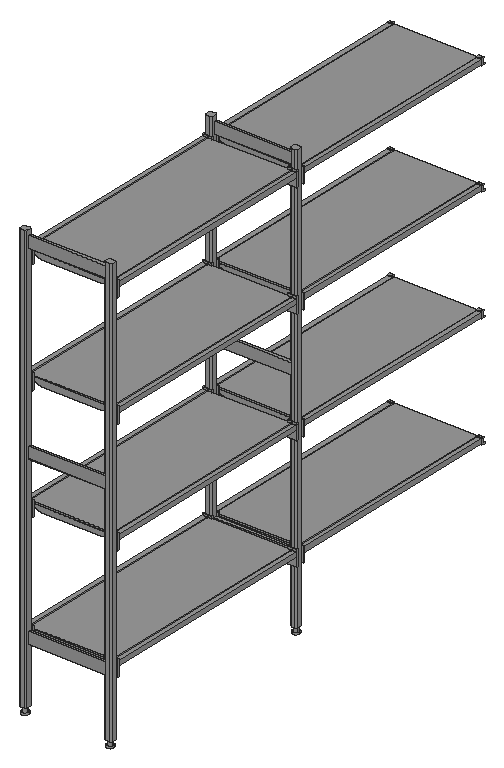
Revit family "QF_ELECTROLUXPROFESSIONAL_137062_ACS1840", category Attrezzature speciali, Revit 2020
Family settings
  Quota connettore circolare = Usa diametro
  Tipo di parte = Normale
  Basato su piano di lavoro = No
  Sempre verticale = Sì
  Taglio con vuoti quando caricato = No
  Condiviso = No
  Punto di calcolo locali = No
Parameters (values of type "Standard")
  Weight = 30.00 kg
  Watts = 0 W
  Volts = 0 V
  URL Manufacturer = "https://www.electroluxprofessional.com/"
  URL = "https://www.electroluxprofessional.com/"
  Steam Supply Size = 0 mm
  Steam Supply Minimum Pressure = 0.0 Pa
  Steam Supply Maximum Pressure = 0.0 Pa
  Steam Consumption per Hour = 0
  Refrigeration Suction Line Size = 0.0 mm
  Refrigeration Liquid Line Size = 0.0 mm
  Refrigerant Compressor Remote = yes
  Prospetto di default = 0.0 mm
  Phase = 0
  Modello = "ACS1840"
  Produttore = "Electrolux Professional"
  Length Actual = 1844.0 mm  # constant formula
  Item Number = "137062"
  Hot Water Size = 0 mm
  Height Actual = 1700.0 mm  # constant formula
  HP = "0 HP"
  Gas Size = 0 mm
  Gas KW = 0
  Gas Input Pressure = 0 W
  Direct Waste Size = 0 mm
  Descrizione = "ALUM.CORNER SHELV.-POLY.TIERS-373X1844MM"
  Depth Actual = 373.0 mm  # constant formula
  Cycle = 0 Hz
  Condensate Return Size = 0 mm
  Compressed Air Volume = 0.0 L/s
  Compressed Air Size = 0 mm
  Compressed Air Pressure = 0.0 Pa
  Cold Water Size = 0 mm
  Accessory = yes
Reference planes
  plane 1: z = 0
  plane 2 "CenterLeft": y = -535.5
  plane 3 "FRONT": y = -921.5
  plane 4 "LEFT": x = 192.5
  plane 5 "RIGHT": x = 565.5
  plane 6 "TOP": z = 1700
  plane 7: y = -889.5
  plane 8: y = -3.5
  plane 9 "Center (Left/Back)": x = 379
  plane 10: x = 205
  plane 11: x = 515
  plane 12 "FEET": z = 25
  plane 13: z = 275
  plane 14: z = 725
  plane 15: z = 1175
  plane 16: z = 1625
  plane 17 "CXLeft": y = -907.5
  plane 18 "Center (Front/Back)": y = 14.5
  plane 19 "CYFront": x = 510
  plane 20: y = 918.5
  plane 21: y = 32.5
  plane 22 "BACK": y = 922.5
  plane 23 "LEFT_ORIGIN": x = 158.5
  plane 24 "BACK_ORIGIN": y = 1295.5
Forms (mm)
  Extrusion 1, solid, material "QF_Aluminum"
    sketch origin (38.022, -921.5, -4.006) x (-1, 0, 0) y (0, 0, 1)
      loop
        line (-189.5, 1637.003) -> (-173.5, 1637.003) -> (-173.5, 1655) -> (-175.493, 1655) -> (-175.493, 1648.501) -> (-506.5, 1648.501) -> (-506.5, 1655) -> (-508.5, 1655) -> (-508.5, 1637.003) -> (-492.5, 1637.003) -> (-458.5, 1625) -> (-223.5, 1625) -> (-189.5, 1637.003)
      loop
        line (-189.5, 1187.003) -> (-173.5, 1187.003) -> (-173.5, 1205) -> (-175.493, 1205) -> (-175.493, 1198.501) -> (-506.5, 1198.501) -> (-506.5, 1205) -> (-508.5, 1205) -> (-508.5, 1187.003) -> (-492.5, 1187.003) -> (-458.5, 1175) -> (-223.5, 1175) -> (-189.5, 1187.003)
      loop
        line (-189.5, 737.003) -> (-173.5, 737.003) -> (-173.5, 755) -> (-175.493, 755) -> (-175.493, 748.501) -> (-506.5, 748.501) -> (-506.5, 755) -> (-508.5, 755) -> (-508.5, 737.003) -> (-492.5, 737.003) -> (-458.5, 725) -> (-223.5, 725) -> (-189.5, 737.003)
      loop
        line (-189.5, 287.003) -> (-173.5, 287.003) -> (-173.5, 305) -> (-175.493, 305) -> (-175.493, 298.501) -> (-506.5, 298.501) -> (-506.5, 305) -> (-508.5, 305) -> (-508.5, 287.003) -> (-492.5, 287.003) -> (-458.5, 275) -> (-223.5, 275) -> (-189.5, 287.003)
    from 37 to 32
  Extrusion 2, solid, material "QF_Aluminum"
    sketch origin (38.022, -921.5, 0) x (-1, 0, 0) y (0, 0, 1)
      loop
        line (-154.478, 246.005) -> (-154.478, 307.993) -> (-190.471, 307.993) -> (-190.471, 246.005) -> (-154.478, 246.005)
      loop
        line (-527.478, 246.005) -> (-491.484, 246.005) -> (-491.484, 307.993) -> (-527.478, 307.993) -> (-527.478, 246.005)
      loop
        line (-154.478, 696.005) -> (-154.478, 757.993) -> (-190.471, 757.993) -> (-190.471, 696.005) -> (-154.478, 696.005)
      loop
        line (-527.478, 696.005) -> (-491.484, 696.005) -> (-491.484, 757.993) -> (-527.478, 757.993) -> (-527.478, 696.005)
      loop
        line (-154.478, 1146.005) -> (-154.478, 1207.993) -> (-190.471, 1207.993) -> (-190.471, 1146.005) -> (-154.478, 1146.005)
      loop
        line (-527.478, 1146.005) -> (-491.484, 1146.005) -> (-491.484, 1207.993) -> (-527.478, 1207.993) -> (-527.478, 1146.005)
      loop
        line (-154.478, 1596.005) -> (-154.478, 1657.993) -> (-190.471, 1657.993) -> (-190.471, 1596.005) -> (-154.478, 1596.005)
      loop
        line (-527.478, 1596.005) -> (-491.484, 1596.005) -> (-491.484, 1657.993) -> (-527.478, 1657.993) -> (-527.478, 1596.005)
    from 28 to 32
  Extrusion 3, solid, material "QF_Aluminum"
    sketch origin (38.022, -921.5, 0) x (-1, 0, 0) y (0, 0, 1)
      loop
        line (-154.5, 1650.994) -> (-173.5, 1650.994) -> (-173.5, 1632.998) -> (-154.5, 1632.998) -> (-154.5, 1650.994)
      loop
        line (-154.5, 1200.994) -> (-173.5, 1200.994) -> (-173.5, 1182.998) -> (-154.5, 1182.998) -> (-154.5, 1200.994)
      loop
        line (-154.5, 750.994) -> (-173.5, 750.994) -> (-173.5, 732.998) -> (-154.5, 732.998) -> (-154.5, 750.994)
      loop
        line (-154.5, 300.994) -> (-173.5, 300.994) -> (-173.5, 282.998) -> (-154.5, 282.998) -> (-154.5, 300.994)
      loop
        line (-527.455, 1650.994) -> (-527.455, 1632.998) -> (-508.455, 1632.998) -> (-508.455, 1650.994) -> (-527.455, 1650.994)
      loop
        line (-527.455, 1200.994) -> (-527.455, 1182.998) -> (-508.455, 1182.998) -> (-508.455, 1200.994) -> (-527.455, 1200.994)
      loop
        line (-527.455, 750.994) -> (-527.455, 732.998) -> (-508.455, 732.998) -> (-508.455, 750.994) -> (-527.455, 750.994)
      loop
        line (-527.455, 300.994) -> (-527.455, 282.998) -> (-508.455, 282.998) -> (-508.455, 300.994) -> (-527.455, 300.994)
    from 32 to 918
  Extrusion 4, solid, material "QF_Polyethylene"
    sketch origin (38.022, -921.5, 0) x (-1, 0, 0) y (0, 0, 1)
      loop
        line (-175.493, 1650.994) -> (-506.5, 1650.994) -> (-506.5, 1644.496) -> (-175.493, 1644.496) -> (-175.493, 1650.994)
      loop
        line (-175.493, 1200.994) -> (-506.5, 1200.994) -> (-506.5, 1194.496) -> (-175.493, 1194.496) -> (-175.493, 1200.994)
      loop
        line (-175.493, 750.994) -> (-506.5, 750.994) -> (-506.5, 744.496) -> (-175.493, 744.496) -> (-175.493, 750.994)
      loop
        line (-175.493, 300.994) -> (-506.5, 300.994) -> (-506.5, 294.496) -> (-175.493, 294.496) -> (-175.493, 300.994)
    from 32 to 918
  Extrusion 5, solid, material "QF_Aluminum"
    sketch origin (38.022, 684.5, 0) x (-1, 0, 0) y (0, 0, 1)
      loop
        line (-154.5, 1650.994) -> (-173.5, 1650.994) -> (-173.5, 1632.998) -> (-154.5, 1632.998) -> (-154.5, 1650.994)
      loop
        line (-508.5, 1650.994) -> (-527.455, 1650.994) -> (-527.455, 1632.998) -> (-508.5, 1632.998) -> (-508.5, 1650.994)
      loop
        line (-154.5, 1200.994) -> (-173.5, 1200.994) -> (-173.5, 1182.998) -> (-154.5, 1182.998) -> (-154.5, 1200.994)
      loop
        line (-508.5, 1200.994) -> (-527.455, 1200.994) -> (-527.455, 1182.998) -> (-508.5, 1182.998) -> (-508.5, 1200.994)
      loop
        line (-154.5, 750.994) -> (-173.5, 750.994) -> (-173.5, 732.998) -> (-154.5, 732.998) -> (-154.5, 750.994)
      loop
        line (-508.5, 750.994) -> (-527.455, 750.994) -> (-527.455, 732.998) -> (-508.5, 732.998) -> (-508.5, 750.994)
      loop
        line (-154.5, 300.994) -> (-173.5, 300.994) -> (-173.5, 282.998) -> (-154.5, 282.998) -> (-154.5, 300.994)
      loop
        line (-508.5, 300.994) -> (-527.455, 300.994) -> (-527.455, 282.998) -> (-508.5, 282.998) -> (-508.5, 300.994)
    from 234 to -652
  Extrusion 6, solid, material "QF_Polyethylene"
    sketch origin (38.022, 684.5, 0) x (-1, 0, 0) y (0, 0, 1)
      loop
        line (-175.493, 1650.994) -> (-506.5, 1650.994) -> (-506.5, 1644.496) -> (-175.493, 1644.496) -> (-175.493, 1650.994)
      loop
        line (-175.493, 1200.994) -> (-506.5, 1200.994) -> (-506.5, 1194.496) -> (-175.493, 1194.496) -> (-175.493, 1200.994)
      loop
        line (-175.493, 750.994) -> (-506.5, 750.994) -> (-506.5, 744.496) -> (-175.493, 744.496) -> (-175.493, 750.994)
      loop
        line (-175.493, 300.994) -> (-506.5, 300.994) -> (-506.5, 294.496) -> (-175.493, 294.496) -> (-175.493, 300.994)
    from 234 to -652
Lines and regions (mm)
  symbolic lines
    curve 1: line (205, -912.5, 1700) -> (515, -912.5, 1700)
    curve 2: line (515, -902.5, 1700) -> (205, -902.5, 1700)
    curve 3: line (192.5, -893.5, 1700) -> (192.5, 0.5, 1700)
    curve 4: line (565.5, -889.5, 1700) -> (565.5, -3.5, 1700)
    curve 5: line (192.5, 28.5, 1700) -> (192.5, 922.5, 1700)
    curve 6: line (565.5, 28.5, 1700) -> (565.5, 922.5, 1700)
    curve 7: line (211.522, 918.5, 1700) -> (510.507, 918.5, 1700)
    curve 8: line (211.522, -3.5, 1700) -> (510.507, -3.5, 1700)
    curve 9: line (510.507, 32.5, 1700) -> (211.522, 32.5, 1700)
    curve 10: line (211.522, -889.5, 1700) -> (510.507, -889.5, 1700)
    curve 11: line (211.522, -889.5, 1700) -> (211.522, -3.5, 1700)
    curve 12: line (546.478, -3.5, 1700) -> (546.478, -889.5, 1700)
    curve 13: line (211.522, 32.5, 1700) -> (211.522, 918.5, 1700)
    curve 14: line (546.522, 652.5, 1700) -> (546.522, -145.5, 1700)
Dimensions and locks
  plane 3 "FRONT" to plane 2 "CenterLeft" = 386.0 mm
  locked: plane 6 "TOP" to level at 1700
  locked: plane 7 to plane 8 at 886
  locked: plane 10 to plane 11 at 310
  plane 10 to plane 9 "Center (Left/Back)" to plane 11 = 174.0 mm, 136.0 mm
  equal spacing: plane 4 "LEFT", plane 9 "Center (Left/Back)", plane 5 "RIGHT"
  plane 12 "FEET" to level = 25.0 mm
  plane 6 "TOP" to plane 12 "FEET" = 1675.0 mm
  plane 13 to plane 12 "FEET" = 250.0 mm
  plane 14 to plane 13 = 450.0 mm
  plane 15 to plane 14 = 450.0 mm
  plane 16 to plane 15 = 450.0 mm
  plane 19 "CYFront" to Extrusion 1 sketch curve = 34.522 mm
  locked: plane 21 to plane 20 at 886
  locked: plane 8 to plane 18 "Center (Front/Back)" at 18
  locked: plane 18 "Center (Front/Back)" to plane 21 at 18
  locked: plane 3 "FRONT" to plane 7 at 32
  locked: plane 4 "LEFT" to plane 5 "RIGHT" at 373
  locked: plane 23 "LEFT_ORIGIN" to plane 5 "RIGHT" at 407
  locked: plane 22 "BACK" to plane 24 "BACK_ORIGIN" at 373
  locked: plane 22 "BACK" to plane 3 "FRONT" at 1844
  aligned and locked: level to plane 1
  aligned and locked: Extrusion 1 to plane 7
  aligned and locked: plane 7 to Extrusion 2
  aligned and locked: Extrusion 4 to plane 7
  aligned and locked: plane 8 to Extrusion 4
  aligned and locked: Extrusion 3 to plane 7
  aligned and locked: plane 8 to Extrusion 3
  aligned and locked: Extrusion 1 sketch curve to Extrusion 1 sketch curve  (x3)
  aligned and locked: Extrusion 4 sketch curve to Extrusion 1  (x4)
  aligned and locked: Extrusion 5 sketch curve to Extrusion 5 sketch curve  (x2)
  aligned and locked: Extrusion 5 to plane 21  (x5)
  aligned and locked: Extrusion 6 to plane 21  (x5)
  aligned and locked: nested 2 to plane 18 "Center (Front/Back)"
  aligned and locked: nested 1 to plane 17 "CXLeft"
  aligned and locked: plane 7 to Extrusion 3  (x3)
  aligned and locked: Extrusion 3 to plane 8  (x4)
  aligned and locked: Extrusion 4 to plane 8  (x4)
  aligned and locked: plane 20 to Extrusion 5
  aligned and locked: plane 20 to Extrusion 6
  aligned and locked: Extrusion 5 to plane 20  (x3)
  aligned and locked: Extrusion 6 to plane 20  (x3)
  aligned and locked: plane 9 "Center (Left/Back)" to nested 2
  aligned and locked: nested 3 to plane 22 "BACK"
Automatic sketch dimensions
  curve 1 to plane 10 = 0.0 mm
  curve 1 to plane 11 = 0.0 mm
  curve 2 to plane 10 = 0.0 mm
  curve 2 to plane 11 = 0.0 mm
  curve 3 to plane 4 "LEFT" = 0.0 mm
  plane 7 to curve 10 = 0.0 mm
  curve 4 to plane 5 "RIGHT" = 0.0 mm
  plane 7 to curve 4 = 0.0 mm
  plane 8 to curve 8 = 0.0 mm
  plane 8 to curve 4 = 0.0 mm
  curve 6 to plane 5 "RIGHT" = 0.0 mm
  curve 5 to plane 4 "LEFT" = 0.0 mm
  curve 9 to plane 21 = 0.0 mm
  plane 20 to curve 7 = 0.0 mm
  plane 7 to curve 3 = 4.0 mm
  plane 17 "CXLeft" to curve 2 = 5.0 mm
  curve 1 to plane 17 "CXLeft" = 5.0 mm
  curve 3 to plane 8 = 4.0 mm
  curve 6 to plane 21 = 4.0 mm
  curve 5 to plane 21 = 4.0 mm
  curve 6 to plane 20 = 4.0 mm
  curve 5 to plane 20 = 4.0 mm
  plane 11 to curve 10 = 4.493 mm
  plane 11 to curve 9 = 4.493 mm
  plane 11 to curve 8 = 4.493 mm
  plane 11 to curve 7 = 4.493 mm
  curve 8 to plane 10 = 6.522 mm
  curve 7 to plane 10 = 6.522 mm
  Extrusion 1 sketch curve to plane 19 "CYFront" = 36.522 mm  (x4)
  Extrusion 1 sketch curve to plane 11 = 15.522 mm  (x4)
  Extrusion 1 sketch curve to plane 13 = 4.006 mm
  Extrusion 1 sketch curve to Extrusion 1 sketch curve = 34.0 mm  (x4)
  Extrusion 1 sketch curve to plane 14 = 4.006 mm
  Extrusion 1 sketch curve to plane 15 = 4.006 mm
  Extrusion 1 sketch curve to plane 16 = 4.006 mm
  Extrusion 1 sketch curve to plane 10 = 56.522 mm  (x4)
  Extrusion 1 sketch curve to plane 10 = 22.522 mm  (x4)
  plane 13 to Extrusion 1 sketch curve = 7.998 mm  (x2)
  Extrusion 1 sketch curve to Extrusion 1 sketch curve = 11.498 mm  (x4)
  Extrusion 1 sketch curve to Extrusion 1 sketch curve = 6.499 mm  (x8)
  plane 14 to Extrusion 1 sketch curve = 7.998 mm  (x2)
  plane 15 to Extrusion 1 sketch curve = 7.998 mm  (x2)
  plane 16 to Extrusion 1 sketch curve = 7.998 mm  (x2)
  Extrusion 2 sketch curve to plane 5 "RIGHT" = 0.0 mm  (x4)
  Extrusion 2 sketch curve to plane 4 "LEFT" = 0.0 mm  (x4)
  Extrusion 2 sketch curve to plane 11 = 14.507 mm  (x4)
  Extrusion 2 sketch curve to plane 10 = 23.493 mm  (x4)
  Extrusion 2 sketch curve to plane 13 = 28.995 mm  (x2)
  plane 13 to Extrusion 2 sketch curve = 32.993 mm  (x2)
  Extrusion 2 sketch curve to plane 14 = 28.995 mm  (x2)
  plane 14 to Extrusion 2 sketch curve = 32.993 mm  (x2)
  Extrusion 2 sketch curve to plane 15 = 28.995 mm  (x2)
  plane 15 to Extrusion 2 sketch curve = 32.993 mm  (x2)
  Extrusion 2 sketch curve to plane 16 = 28.995 mm  (x2)
  plane 16 to Extrusion 2 sketch curve = 32.993 mm  (x2)
  plane 13 to Extrusion 4 sketch curve = 19.496 mm
  Extrusion 4 sketch curve to Extrusion 4 sketch curve = 6.499 mm  (x4)
  plane 14 to Extrusion 4 sketch curve = 19.496 mm
  plane 15 to Extrusion 4 sketch curve = 19.496 mm
  plane 16 to Extrusion 4 sketch curve = 19.496 mm
  plane 5 "RIGHT" to Extrusion 5 sketch curve = 0.022 mm  (x4)
  Extrusion 5 sketch curve to plane 4 "LEFT" = 19.022 mm  (x4)
  Extrusion 5 sketch curve to plane 19 "CYFront" = 36.522 mm  (x2)
  plane 13 to Extrusion 5 sketch curve = 7.998 mm  (x2)
  Extrusion 5 sketch curve to Extrusion 5 sketch curve = 17.997 mm  (x8)
  plane 14 to Extrusion 5 sketch curve = 7.998 mm  (x2)
  plane 15 to Extrusion 5 sketch curve = 7.998 mm  (x2)
  plane 16 to Extrusion 5 sketch curve = 7.998 mm  (x2)
  Extrusion 6 sketch curve to plane 19 "CYFront" = 34.522 mm  (x4)
  plane 13 to Extrusion 6 sketch curve = 19.496 mm
  Extrusion 6 sketch curve to Extrusion 6 sketch curve = 6.499 mm  (x4)
  plane 14 to Extrusion 6 sketch curve = 19.496 mm
  plane 15 to Extrusion 6 sketch curve = 19.496 mm
  plane 16 to Extrusion 6 sketch curve = 19.496 mm
  plane 5 "RIGHT" to Extrusion 3 sketch curve = 0.022 mm  (x4)
  Extrusion 3 sketch curve to Extrusion 3 sketch curve = 19.0 mm  (x4)
  plane 14 to Extrusion 3 sketch curve = 7.998 mm  (x2)
  Extrusion 3 sketch curve to plane 10 = 6.522 mm  (x4)
  Extrusion 3 sketch curve to plane 4 "LEFT" = 0.022 mm  (x4)
  plane 13 to Extrusion 3 sketch curve = 25.994 mm  (x2)
  plane 13 to Extrusion 3 sketch curve = 7.998 mm  (x2)
  Extrusion 3 sketch curve to Extrusion 3 sketch curve = 17.997 mm  (x6)
  plane 15 to Extrusion 3 sketch curve = 7.998 mm  (x2)
  plane 16 to Extrusion 3 sketch curve = 7.998 mm  (x2)
  plane 7 to curve 12 = 0.0 mm
  plane 8 to curve 12 = 0.0 mm
  curve 4 to curve 12 = 19.022 mm
  Extrusion 1 sketch curve to plane 10 = 8.516 mm  (x4)
  Extrusion 1 sketch curve to plane 10 = 6.522 mm  (x2)
  Extrusion 1 sketch curve to Extrusion 1 sketch curve = 1.993 mm  (x2)
  Extrusion 4 sketch curve to plane 10 = 8.516 mm  (x4)
  Extrusion 5 sketch curve to plane 4 "LEFT" = 0.022 mm  (x4)
  Extrusion 6 sketch curve to plane 10 = 8.516 mm  (x4)
Nested families
  nested 1: "WT_Anta373" at (215.5, -504.5, 0) x (0, 1, 0) z (0, 0, 1), type "WT_Anta373"
  nested 2: "WT_Anta373Center" at (215.5, 417.5, 0) x (0, 1, 0) z (0, 0, 1), type "WT_Anta373Center"
  nested 3: "WT_Aggancio373" at (215.5, 1330.5, 0) x (0, 1, 0) z (0, 0, 1), type "WT_Aggancio373"
Definition of nested family "WT_Anta373"
  Parameters
    WidthLeft = A + 64.0 mm  # 772.0 mm
    Width = 1606.0 mm
    Right = WidthLeft / 2  # 386.0 mm
    Default Elevation = 0.0 mm
    Left = -WidthLeft / 2  # -386.0 mm
    Height = 1725.0 mm
    FEET = 25.0 mm
    E = 0.0 mm
    Dint = Depth - 63.0 mm  # 310.0 mm
    Dext = Depth - 8.0 mm  # 365.0 mm
    Depth = 373.0 mm
    DX = (WidthLeft - A) / 2  # 32.0 mm
    B = 798.0 mm
    A = 708.0 mm
  Reference planes
    plane 1: z = 0
    plane 2 "LEFT": x = -417
    plane 3 "BACK": y = 23
    plane 4 "FRONT": y = -350
    plane 5 "TOP": z = 1725
    plane 6 "Center (Front/Back)": y = -163.5
    plane 7: y = -8.5
    plane 8: y = -318.5
    plane 9 "FEET": z = 25
    plane 10: z = 275
    plane 11: z = 725
    plane 12: z = 1175
    plane 13: z = 1625
    plane 14 "CXLeft": x = -403
    plane 15: y = 5.5
    plane 16 "CYBack": y = 5.5
    plane 17 "CYFront": y = -332.5
    plane 18: x = -385.031
    plane 19: x = -380.031
  Forms (mm)
    Extrusion 1, solid
      sketch origin (0, 0, 0) x (1, 0, 0) y (0, 1, 0)
        loop
          line (-417, 13.246) -> (-417, -2.246) -> (-410.746, -8.5) -> (-395.254, -8.5) -> (-389, -2.246) -> (-389, 13.246) -> (-395.254, 19.5) -> (-410.746, 19.5) -> (-417, 13.246)
      from 1725 to 25
    Extrusion 2, solid
      sketch origin (-417, 0, 0) x (0, 1, 0) y (0, 0, 1)
        loop
          line (23, 246.005) -> (23, 307.993) -> (-12.993, 307.993) -> (-12.993, 246.005) -> (23, 246.005)
        loop
          line (-350, 246.005) -> (-314.007, 246.005) -> (-314.007, 307.993) -> (-350, 307.993) -> (-350, 246.005)
        loop
          line (23, 696.005) -> (23, 757.993) -> (-12.993, 757.993) -> (-12.993, 696.005) -> (23, 696.005)
        loop
          line (-350, 696.005) -> (-314.007, 696.005) -> (-314.007, 757.993) -> (-350, 757.993) -> (-350, 696.005)
        loop
          line (23, 1146.005) -> (23, 1207.993) -> (-12.993, 1207.993) -> (-12.993, 1146.005) -> (23, 1146.005)
        loop
          line (-350, 1146.005) -> (-314.007, 1146.005) -> (-314.007, 1207.993) -> (-350, 1207.993) -> (-350, 1146.005)
        loop
          line (23, 1596.005) -> (23, 1657.993) -> (-12.993, 1657.993) -> (-12.993, 1596.005) -> (23, 1596.005)
        loop
          line (-350, 1596.005) -> (-314.007, 1596.005) -> (-314.007, 1657.993) -> (-350, 1657.993) -> (-350, 1596.005)
      from 28 to 32
    Revolve 3, solid
      sketch origin (-403, 0, 0) x (0, 1, 0) y (0, 0, 1)
        loop
          line (5.5, 25) -> (5.5, 0) -> (19, 0) -> (19, 5) -> (14, 5) -> (14, 25) -> (5.5, 25)
        axis (5.5, 25) -> (5.5, 0)
      angle from 0 to 360
    Extrusion 4, solid
      sketch origin (-403, 0, 0) x (0, 1, 0) y (0, 0, 1)
        loop
          line (-8.5, 912.382) -> (-8.5, 957.374) -> (-318.5, 957.374) -> (-318.5, 912.382) -> (-8.5, 912.382)
        loop
          line (-8.5, 1662.244) -> (-8.5, 1707.236) -> (-318.5, 1707.236) -> (-318.5, 1662.244) -> (-8.5, 1662.244)
      from -5 to 5
    Revolve 5, solid
      sketch origin (-403, -627, 0) x (0, -1, 0) y (0, 0, 1)
        loop
          line (-294.5, 25) -> (-294.5, 0) -> (-281, 0) -> (-281, 5) -> (-286, 5) -> (-286, 25) -> (-294.5, 25)
        axis (-294.5, 25) -> (-294.5, 0)
      angle from 0 to 360
    Extrusion 6, solid
      sketch origin (0, -627, 0) x (1, 0, 0) y (0, 1, 0)
        loop
          line (-417, 286.754) -> (-410.746, 280.5) -> (-395.254, 280.5) -> (-389, 286.754) -> (-389, 302.246) -> (-395.254, 308.5) -> (-410.746, 308.5) -> (-417, 302.246) -> (-417, 286.754)
      from 1725 to 25
    Extrusion 7, solid
      sketch origin (-417.031, -0.022, 0) x (0, 1, 0) y (0, 0, -1)
        loop
          line (-12, -1632.998) -> (-46, -1620.994) -> (-281, -1620.994) -> (-315, -1632.998) -> (-331, -1632.998) -> (-331, -1650.994) -> (-329, -1650.994) -> (-329, -1644.496) -> (2.007, -1644.496) -> (2.007, -1650.994) -> (4, -1650.994) -> (4, -1632.998) -> (-12, -1632.998)
        loop
          line (-12, -1182.998) -> (-46, -1170.994) -> (-281, -1170.994) -> (-315, -1182.998) -> (-331, -1182.998) -> (-331, -1200.994) -> (-329, -1200.994) -> (-329, -1194.496) -> (2.007, -1194.496) -> (2.007, -1200.994) -> (4, -1200.994) -> (4, -1182.998) -> (-12, -1182.998)
        loop
          line (-12, -732.998) -> (-46, -720.994) -> (-281, -720.994) -> (-315, -732.998) -> (-331, -732.998) -> (-331, -750.994) -> (-329, -750.994) -> (-329, -744.496) -> (2.007, -744.496) -> (2.007, -750.994) -> (4, -750.994) -> (4, -732.998) -> (-12, -732.998)
        loop
          line (-12, -282.998) -> (-46, -270.994) -> (-281, -270.994) -> (-315, -282.998) -> (-331, -282.998) -> (-331, -300.994) -> (-329, -300.994) -> (-329, -294.496) -> (2.007, -294.496) -> (2.007, -300.994) -> (4, -300.994) -> (4, -282.998) -> (-12, -282.998)
      from -32 to -37
    Extrusion 8, solid
      sketch origin (-403, 0, -659.878) x (0, 1, 0) y (0, 0, 1)
        loop
          line (-8.5, 912.382) -> (-8.5, 957.374) -> (-318.5, 957.374) -> (-318.5, 912.382) -> (-8.5, 912.382)
        loop
          line (-8.5, 1572.382) -> (-8.5, 1617.374) -> (-318.5, 1617.374) -> (-318.5, 1572.382) -> (-8.5, 1572.382)
        loop
          line (-8.5, 2322.382) -> (-8.5, 2367.374) -> (-318.5, 2367.374) -> (-318.5, 2322.382) -> (-8.5, 2322.382)
      from -5 to 5
  Lines and regions (mm)
    symbolic lines
      curve 1: line (-408, -8.5, 1725) -> (-408, -318.5, 1725)
      curve 2: line (-398, -318.5, 1725) -> (-398, -8.5, 1725)
      curve 3: line (-395.254, -8.5, 1725) -> (-410.746, -8.5, 1725)
      curve 4: line (-417, -2.246, 1725) -> (-410.746, -8.5, 1725)
      curve 5: line (-417, 13.246, 1725) -> (-417, -2.246, 1725)
      curve 6: line (-410.746, 19.5, 1725) -> (-417, 13.246, 1725)
      curve 7: line (-395.254, 19.5, 1725) -> (-410.746, 19.5, 1725)
      curve 8: line (-389, 13.246, 1725) -> (-395.254, 19.5, 1725)
      curve 9: line (-395.254, -8.5, 1725) -> (-389, -2.246, 1725)
      curve 10: line (-395.254, -318.5, 1725) -> (-410.746, -318.5, 1725)
      curve 11: line (-417, -324.754, 1725) -> (-410.746, -318.5, 1725)
      curve 12: line (-410.746, -346.5, 1725) -> (-417, -340.246, 1725)
      curve 13: line (-395.254, -346.5, 1725) -> (-410.746, -346.5, 1725)
      curve 14: line (-389, -340.246, 1725) -> (-395.254, -346.5, 1725)
      curve 15: line (-395.254, -318.5, 1725) -> (-389, -324.754, 1725)
      curve 16: line (-389, -350, 1725) -> (-389, -314.007, 1725)
      curve 17: line (-389, -314.007, 1725) -> (-385, -314.007, 1725)
      curve 18: line (-389, 23, 1725) -> (-389, -12.993, 1725)
      curve 19: line (-389, -12.993, 1725) -> (-385, -12.993, 1725)
      curve 20: line (-417, -324.754, 1725) -> (-417, -340.246, 1725)
      curve 21: line (-385, -350, 1725) -> (-385, -314.007, 1725)
      curve 22: line (-385, -350, 1725) -> (-389, -350, 1725)
      curve 23: line (-385, 23, 1725) -> (-389, 23, 1725)
      curve 24: line (-385, -12.993, 1725) -> (-385, 23, 1725)
      curve 25: line (-385.031, -13.016, 1725) -> (-385.031, -314.029, 1725)
  Dimensions and locks
    "Height": plane 5 "TOP" to level
    "Depth": plane 3 "BACK" to plane 4 "FRONT"
    "Dint": plane 7 to plane 8
    equal spacing: plane 7, plane 6 "Center (Front/Back)", plane 8
    equal spacing: plane 3 "BACK", plane 6 "Center (Front/Back)", plane 4 "FRONT"
    plane 9 "FEET" to level = 25.0 mm
    plane 5 "TOP" to plane 9 "FEET" = 1700.0 mm
    plane 10 to plane 9 "FEET" = 250.0 mm
    plane 11 to plane 10 = 450.0 mm
    plane 12 to plane 11 = 450.0 mm
    plane 13 to plane 12 = 450.0 mm
    locked: plane 2 "LEFT" to plane 14 "CXLeft" at 14
    locked: plane 3 "BACK" to plane 16 "CYBack" at 17.5
    locked: plane 17 "CYFront" to plane 4 "FRONT" at 17.5
    locked: Revolve 3 sketch curve to Revolve 3 sketch curve at 8.5
    locked: Revolve 3 sketch curve to plane 16 "CYBack" at 13.5
    locked: Revolve 5 sketch curve to Revolve 5 sketch curve at 8.5
    aligned and locked: level to plane 1
    aligned and locked: curve 20 to Extrusion 6
    aligned and locked: plane 5 "TOP" to Extrusion 1
    aligned and locked: plane 5 "TOP" to Extrusion 6
    aligned and locked: Extrusion 7 sketch curve to Extrusion 7 sketch curve  (x3)
  Automatic sketch dimensions
    curve 16 to plane 4 "FRONT" = 0.0 mm
    curve 11 to plane 8 = 0.0 mm
    curve 9 to plane 7 = 0.0 mm
    curve 5 to plane 2 "LEFT" = 0.0 mm
    curve 23 to plane 3 "BACK" = 0.0 mm
    plane 4 "FRONT" to curve 13 = 3.5 mm
    curve 20 to plane 17 "CYFront" = 7.746 mm
    curve 20 to plane 8 = 6.254 mm
    plane 8 to curve 16 = 4.493 mm
    curve 24 to plane 18 = 0.031 mm
    curve 24 to plane 7 = 4.493 mm
    plane 7 to curve 5 = 6.254 mm
    curve 5 to plane 15 = 7.746 mm
    curve 6 to plane 3 "BACK" = 3.5 mm
    curve 21 to plane 18 = 0.031 mm
    plane 18 to curve 23 = 3.969 mm
    plane 18 to curve 16 = 3.969 mm
    curve 18 to curve 8 = 6.254 mm
    curve 18 to curve 3 = 6.254 mm
    curve 16 to curve 13 = 6.254 mm
    curve 16 to curve 15 = 6.254 mm
    plane 2 "LEFT" to curve 10 = 6.254 mm
    plane 2 "LEFT" to curve 7 = 6.254 mm
    plane 2 "LEFT" to curve 12 = 6.254 mm
    plane 2 "LEFT" to curve 3 = 6.254 mm
    curve 14 to plane 17 "CYFront" = 7.746 mm
    curve 15 to plane 8 = 6.254 mm
    plane 7 to curve 9 = 6.254 mm
    curve 8 to plane 15 = 7.746 mm
    curve 3 to curve 2 = 2.746 mm
    curve 1 to curve 10 = 2.746 mm
    Extrusion 1 sketch curve to plane 2 "LEFT" = 0.0 mm
    Extrusion 1 sketch curve to plane 7 = 0.0 mm
    plane 2 "LEFT" to Extrusion 1 sketch curve = 6.254 mm  (x2)
    plane 14 "CXLeft" to Extrusion 1 sketch curve = 7.746 mm  (x2)
    Extrusion 1 sketch curve to plane 3 "BACK" = 3.5 mm
    plane 18 to Extrusion 1 sketch curve = 3.969 mm
    plane 7 to Extrusion 1 sketch curve = 6.254 mm  (x2)
    Extrusion 1 sketch curve to plane 15 = 7.746 mm  (x2)
    Extrusion 2 sketch curve to plane 4 "FRONT" = 0.0 mm  (x4)
    Extrusion 2 sketch curve to plane 3 "BACK" = 0.0 mm  (x4)
    plane 8 to Extrusion 2 sketch curve = 4.493 mm  (x4)
    Extrusion 2 sketch curve to plane 7 = 4.493 mm  (x4)
    Extrusion 2 sketch curve to plane 10 = 28.995 mm  (x2)
    plane 10 to Extrusion 2 sketch curve = 32.993 mm  (x2)
    Extrusion 2 sketch curve to plane 11 = 28.995 mm  (x2)
    plane 11 to Extrusion 2 sketch curve = 32.993 mm  (x2)
    Extrusion 2 sketch curve to plane 12 = 28.995 mm  (x2)
    plane 12 to Extrusion 2 sketch curve = 32.993 mm  (x2)
    Extrusion 2 sketch curve to plane 13 = 28.995 mm  (x2)
    plane 13 to Extrusion 2 sketch curve = 32.993 mm  (x2)
    Revolve 3 sketch curve to plane 9 "FEET" = 0.0 mm  (x2)
    Revolve 3 sketch curve to plane 15 = 0.0 mm  (x2)
    Revolve 3 sketch curve to level = 0.0 mm
    level to Revolve 3 sketch curve = 5.0 mm
    Revolve 3 sketch curve to Revolve 3 sketch curve = 11.655 mm
    Extrusion 4 sketch curve to plane 8 = 0.0 mm  (x2)
    Extrusion 4 sketch curve to plane 7 = 0.0 mm  (x2)
    plane 11 to Extrusion 4 sketch curve = 187.382 mm
    Extrusion 4 sketch curve to Extrusion 4 sketch curve = 44.992 mm
    plane 13 to Extrusion 4 sketch curve = 37.244 mm
    Extrusion 4 sketch curve to plane 5 "TOP" = 17.764 mm
    Revolve 5 sketch curve to plane 9 "FEET" = 0.0 mm  (x2)
    Revolve 5 sketch curve to plane 17 "CYFront" = 0.0 mm  (x2)
    Revolve 5 sketch curve to level = 0.0 mm
    Revolve 5 sketch curve to plane 4 "FRONT" = 4.0 mm
    Revolve 5 sketch curve to Revolve 5 sketch curve = 5.0 mm
    level to Revolve 5 sketch curve = 11.655 mm
    Extrusion 6 sketch curve to plane 2 "LEFT" = 0.0 mm
    Extrusion 6 sketch curve to plane 8 = 0.0 mm
    Extrusion 6 sketch curve to plane 2 "LEFT" = 6.254 mm  (x2)
    Extrusion 6 sketch curve to plane 14 "CXLeft" = 7.746 mm  (x2)
    Extrusion 6 sketch curve to plane 4 "FRONT" = 3.5 mm
    Extrusion 6 sketch curve to plane 18 = 3.969 mm
    plane 8 to Extrusion 6 sketch curve = 6.254 mm  (x2)
    plane 17 "CYFront" to Extrusion 6 sketch curve = 7.746 mm  (x2)
    plane 17 "CYFront" to Extrusion 7 sketch curve = 1.478 mm  (x4)
    Extrusion 7 sketch curve to Extrusion 7 sketch curve = 2.0 mm
    plane 8 to Extrusion 7 sketch curve = 3.478 mm  (x4)
    Extrusion 7 sketch curve to plane 10 = 4.006 mm
    Extrusion 7 sketch curve to Extrusion 7 sketch curve = 34.0 mm  (x4)
    Extrusion 7 sketch curve to plane 11 = 4.006 mm
    Extrusion 7 sketch curve to plane 12 = 4.006 mm
    Extrusion 7 sketch curve to plane 13 = 4.006 mm
    Extrusion 7 sketch curve to plane 7 = 37.522 mm  (x4)
    Extrusion 7 sketch curve to plane 7 = 3.522 mm  (x4)
    plane 15 to Extrusion 7 sketch curve = 3.516 mm  (x4)
    plane 15 to Extrusion 7 sketch curve = 1.522 mm  (x4)
    plane 13 to Extrusion 7 sketch curve = 7.998 mm  (x2)
    Extrusion 7 sketch curve to Extrusion 7 sketch curve = 11.498 mm
    Extrusion 7 sketch curve to Extrusion 7 sketch curve = 6.499 mm  (x5)
    plane 12 to Extrusion 7 sketch curve = 25.994 mm  (x2)
    plane 12 to Extrusion 7 sketch curve = 7.998 mm  (x2)
    plane 11 to Extrusion 7 sketch curve = 25.994 mm  (x2)
    plane 11 to Extrusion 7 sketch curve = 7.998 mm  (x2)
    plane 10 to Extrusion 7 sketch curve = 25.994 mm  (x2)
    plane 10 to Extrusion 7 sketch curve = 7.998 mm  (x2)
    curve 25 to plane 18 = 0.0 mm
    plane 8 to curve 25 = 4.471 mm
    curve 25 to plane 7 = 4.516 mm
    Extrusion 8 sketch curve to plane 8 = 0.0 mm  (x3)
    Extrusion 8 sketch curve to plane 7 = 0.0 mm  (x3)
    Extrusion 8 sketch curve to plane 10 = 22.496 mm
    plane 10 to Extrusion 8 sketch curve = 22.496 mm
    plane 11 to Extrusion 8 sketch curve = 187.504 mm
    Extrusion 8 sketch curve to Extrusion 8 sketch curve = 44.992 mm
    plane 13 to Extrusion 8 sketch curve = 37.504 mm
    Extrusion 8 sketch curve to plane 5 "TOP" = 17.504 mm
Definition of nested family "WT_Anta373Center"
  Parameters
    WidthLeft = A + 64.0 mm  # 772.0 mm
    Width = 1606.0 mm
    Right = WidthLeft / 2  # 386.0 mm
    Default Elevation = 0.0 mm
    Left = -WidthLeft / 2  # -386.0 mm
    Height = 1725.0 mm
    FEET = 25.0 mm
    E = 0.0 mm
    Dint = Depth - 63.0 mm  # 310.0 mm
    Dext = Depth - 8.0 mm  # 365.0 mm
    Depth = 373.0 mm
    DX = (WidthLeft - A) / 2  # 32.0 mm
    B = 798.0 mm
    A = 708.0 mm
  Reference planes
    plane 1: z = 0
    plane 2 "L": x = -417
    plane 3 "BACK": y = 23
    plane 4 "FRONT": y = -350
    plane 5 "TOP": z = 1725
    plane 6 "Center (Front/Back)": y = -163.5
    plane 7: y = -8.5
    plane 8: y = -318.5
    plane 9 "FEET": z = 25
    plane 10: z = 275
    plane 11: z = 725
    plane 12: z = 1175
    plane 13: z = 1625
    plane 14 "CXLeft": x = -403
    plane 15: y = 5.5
    plane 16 "CYBack": y = 5.5
    plane 17 "CYFront": y = -332.5
    plane 18: x = -385.031
    plane 19 "RIGHT": x = -380.031
    plane 20: x = -420.969
    plane 21 "LEFT": x = -425.969
  Forms (mm)
    Extrusion 1, solid
      sketch origin (0, 0, 0) x (1, 0, 0) y (0, 1, 0)
        loop
          line (-417, 13.246) -> (-417, -2.246) -> (-410.746, -8.5) -> (-395.254, -8.5) -> (-389, -2.246) -> (-389, 13.246) -> (-395.254, 19.5) -> (-410.746, 19.5) -> (-417, 13.246)
      from 1725 to 25
    Extrusion 2, solid
      sketch origin (-417, 0, 0) x (0, 1, 0) y (0, 0, 1)
        loop
          line (23, 246.005) -> (23, 307.993) -> (-12.993, 307.993) -> (-12.993, 246.005) -> (23, 246.005)
        loop
          line (-350, 246.005) -> (-314.007, 246.005) -> (-314.007, 307.993) -> (-350, 307.993) -> (-350, 246.005)
        loop
          line (23, 696.005) -> (23, 757.993) -> (-12.993, 757.993) -> (-12.993, 696.005) -> (23, 696.005)
        loop
          line (-350, 696.005) -> (-314.007, 696.005) -> (-314.007, 757.993) -> (-350, 757.993) -> (-350, 696.005)
        loop
          line (23, 1146.005) -> (23, 1207.993) -> (-12.993, 1207.993) -> (-12.993, 1146.005) -> (23, 1146.005)
        loop
          line (-350, 1146.005) -> (-314.007, 1146.005) -> (-314.007, 1207.993) -> (-350, 1207.993) -> (-350, 1146.005)
        loop
          line (23, 1596.005) -> (23, 1657.993) -> (-12.993, 1657.993) -> (-12.993, 1596.005) -> (23, 1596.005)
        loop
          line (-350, 1596.005) -> (-314.007, 1596.005) -> (-314.007, 1657.993) -> (-350, 1657.993) -> (-350, 1596.005)
      from 28 to 32
    Revolve 3, solid
      sketch origin (-403, 0, 0) x (0, 1, 0) y (0, 0, 1)
        loop
          line (5.5, 25) -> (5.5, 0) -> (19, 0) -> (19, 5) -> (14, 5) -> (14, 25) -> (5.5, 25)
        axis (5.5, 25) -> (5.5, 0)
      angle from 0 to 360
    Extrusion 4, solid
      sketch origin (-403, 0, 0) x (0, 1, 0) y (0, 0, 1)
        loop
          line (-8.5, 912.382) -> (-8.5, 957.374) -> (-318.5, 957.374) -> (-318.5, 912.382) -> (-8.5, 912.382)
        loop
          line (-8.5, 1662.244) -> (-8.5, 1707.236) -> (-318.5, 1707.236) -> (-318.5, 1662.244) -> (-8.5, 1662.244)
      from -5 to 5
    Revolve 5, solid
      sketch origin (-403, -627, 0) x (0, -1, 0) y (0, 0, 1)
        loop
          line (-294.5, 25) -> (-294.5, 0) -> (-281, 0) -> (-281, 5) -> (-286, 5) -> (-286, 25) -> (-294.5, 25)
        axis (-294.5, 25) -> (-294.5, 0)
      angle from 0 to 360
    Extrusion 6, solid
      sketch origin (0, -627, 0) x (1, 0, 0) y (0, 1, 0)
        loop
          line (-417, 286.754) -> (-410.746, 280.5) -> (-395.254, 280.5) -> (-389, 286.754) -> (-389, 302.246) -> (-395.254, 308.5) -> (-410.746, 308.5) -> (-417, 302.246) -> (-417, 286.754)
      from 1725 to 25
    Extrusion 7, solid
      sketch origin (-417.031, -0.022, 0) x (0, 1, 0) y (0, 0, -1)
        loop
          line (-12, -1632.998) -> (-46, -1620.994) -> (-281, -1620.994) -> (-315, -1632.998) -> (-331, -1632.998) -> (-331, -1650.994) -> (-329, -1650.994) -> (-329, -1644.496) -> (2.007, -1644.496) -> (2.007, -1650.994) -> (4, -1650.994) -> (4, -1632.998) -> (-12, -1632.998)
        loop
          line (-12, -1182.998) -> (-46, -1170.994) -> (-281, -1170.994) -> (-315, -1182.998) -> (-331, -1182.998) -> (-331, -1200.994) -> (-329, -1200.994) -> (-329, -1194.496) -> (2.007, -1194.496) -> (2.007, -1200.994) -> (4, -1200.994) -> (4, -1182.998) -> (-12, -1182.998)
        loop
          line (-12, -732.998) -> (-46, -720.994) -> (-281, -720.994) -> (-315, -732.998) -> (-331, -732.998) -> (-331, -750.994) -> (-329, -750.994) -> (-329, -744.496) -> (2.007, -744.496) -> (2.007, -750.994) -> (4, -750.994) -> (4, -732.998) -> (-12, -732.998)
        loop
          line (-12, -282.998) -> (-46, -270.994) -> (-281, -270.994) -> (-315, -282.998) -> (-331, -282.998) -> (-331, -300.994) -> (-329, -300.994) -> (-329, -294.496) -> (2.007, -294.496) -> (2.007, -300.994) -> (4, -300.994) -> (4, -282.998) -> (-12, -282.998)
      from -32 to -37
    Extrusion 8, solid
      sketch origin (-403, 0, -659.878) x (0, 1, 0) y (0, 0, 1)
        loop
          line (-8.5, 912.382) -> (-8.5, 957.374) -> (-318.5, 957.374) -> (-318.5, 912.382) -> (-8.5, 912.382)
        loop
          line (-8.5, 1572.382) -> (-8.5, 1617.374) -> (-318.5, 1617.374) -> (-318.5, 1572.382) -> (-8.5, 1572.382)
        loop
          line (-8.5, 2322.382) -> (-8.5, 2367.374) -> (-318.5, 2367.374) -> (-318.5, 2322.382) -> (-8.5, 2322.382)
      from -5 to 5
    Extrusion 9, solid
      sketch origin (-389, 0, 0) x (0, 1, 0) y (0, 0, -1)
        loop
          line (23, -246.005) -> (-12.993, -246.005) -> (-12.993, -307.993) -> (23, -307.993) -> (23, -246.005)
        loop
          line (-350, -246.005) -> (-350, -307.993) -> (-314.007, -307.993) -> (-314.007, -246.005) -> (-350, -246.005)
        loop
          line (23, -696.005) -> (-12.993, -696.005) -> (-12.993, -757.993) -> (23, -757.993) -> (23, -696.005)
        loop
          line (-350, -696.005) -> (-350, -757.993) -> (-314.007, -757.993) -> (-314.007, -696.005) -> (-350, -696.005)
        loop
          line (23, -1146.005) -> (-12.993, -1146.005) -> (-12.993, -1207.993) -> (23, -1207.993) -> (23, -1146.005)
        loop
          line (-350, -1146.005) -> (-350, -1207.993) -> (-314.007, -1207.993) -> (-314.007, -1146.005) -> (-350, -1146.005)
        loop
          line (23, -1596.005) -> (-12.993, -1596.005) -> (-12.993, -1657.993) -> (23, -1657.993) -> (23, -1596.005)
        loop
          line (-350, -1596.005) -> (-350, -1657.993) -> (-314.007, -1657.993) -> (-314.007, -1596.005) -> (-350, -1596.005)
      from 28 to 32
    Extrusion 10, solid
      sketch origin (-388.969, -0.022, 0) x (0, 1, 0) y (0, 0, 1)
        loop
          line (-12, 1632.998) -> (4, 1632.998) -> (4, 1650.994) -> (2.007, 1650.994) -> (2.007, 1644.496) -> (-329, 1644.496) -> (-329, 1650.994) -> (-331, 1650.994) -> (-331, 1632.998) -> (-315, 1632.998) -> (-281, 1620.994) -> (-46, 1620.994) -> (-12, 1632.998)
        loop
          line (-12, 1182.998) -> (4, 1182.998) -> (4, 1200.994) -> (2.007, 1200.994) -> (2.007, 1194.496) -> (-329, 1194.496) -> (-329, 1200.994) -> (-331, 1200.994) -> (-331, 1182.998) -> (-315, 1182.998) -> (-281, 1170.994) -> (-46, 1170.994) -> (-12, 1182.998)
        loop
          line (-12, 732.998) -> (4, 732.998) -> (4, 750.994) -> (2.007, 750.994) -> (2.007, 744.496) -> (-329, 744.496) -> (-329, 750.994) -> (-331, 750.994) -> (-331, 732.998) -> (-315, 732.998) -> (-281, 720.994) -> (-46, 720.994) -> (-12, 732.998)
        loop
          line (-12, 282.998) -> (4, 282.998) -> (4, 300.994) -> (2.007, 300.994) -> (2.007, 294.496) -> (-329, 294.496) -> (-329, 300.994) -> (-331, 300.994) -> (-331, 282.998) -> (-315, 282.998) -> (-281, 270.994) -> (-46, 270.994) -> (-12, 282.998)
      from -32 to -37
  Lines and regions (mm)
    symbolic lines
      curve 1: line (-408, -8.5, 1725) -> (-408, -318.5, 1725)
      curve 2: line (-398, -318.5, 1725) -> (-398, -8.5, 1725)
      curve 3: line (-395.254, -8.5, 1725) -> (-410.746, -8.5, 1725)
      curve 4: line (-417, -2.246, 1725) -> (-410.746, -8.5, 1725)
      curve 5: line (-410.746, 19.5, 1725) -> (-417, 13.246, 1725)
      curve 6: line (-395.254, 19.5, 1725) -> (-410.746, 19.5, 1725)
      curve 7: line (-389, 13.246, 1725) -> (-395.254, 19.5, 1725)
      curve 8: line (-395.254, -8.5, 1725) -> (-389, -2.246, 1725)
      curve 9: line (-395.254, -318.5, 1725) -> (-410.746, -318.5, 1725)
      curve 10: line (-417, -324.754, 1725) -> (-410.746, -318.5, 1725)
      curve 11: line (-410.746, -346.5, 1725) -> (-417, -340.246, 1725)
      curve 12: line (-395.254, -346.5, 1725) -> (-410.746, -346.5, 1725)
      curve 13: line (-389, -340.246, 1725) -> (-395.254, -346.5, 1725)
      curve 14: line (-395.254, -318.5, 1725) -> (-389, -324.754, 1725)
      curve 15: line (-389, -350, 1725) -> (-389, -314.007, 1725)
      curve 16: line (-389, -314.007, 1725) -> (-385, -314.007, 1725)
      curve 17: line (-389, 23, 1725) -> (-389, -12.993, 1725)
      curve 18: line (-389, -12.993, 1725) -> (-385, -12.993, 1725)
      curve 19: line (-385, -350, 1725) -> (-385, -314.007, 1725)
      curve 20: line (-385, -350, 1725) -> (-389, -350, 1725)
      curve 21: line (-385, 23, 1725) -> (-389, 23, 1725)
      curve 22: line (-385, -12.993, 1725) -> (-385, 23, 1725)
      curve 23: line (-385.031, -13.016, 1725) -> (-385.031, -314.029, 1725)
      curve 24: line (-417, -350, 1725) -> (-417, -314.007, 1725)
      curve 25: line (-417, -314.007, 1725) -> (-421, -314.007, 1725)
      curve 26: line (-417, 23, 1725) -> (-417, -12.993, 1725)
      curve 27: line (-417, -12.993, 1725) -> (-421, -12.993, 1725)
      curve 28: line (-421, -350, 1725) -> (-421, -314.007, 1725)
      curve 29: line (-421, -350, 1725) -> (-417, -350, 1725)
      curve 30: line (-421, 23, 1725) -> (-417, 23, 1725)
      curve 31: line (-421, -12.993, 1725) -> (-421, 23, 1725)
      curve 32: line (-420.969, -13.016, 1725) -> (-420.969, -314.029, 1725)
  Dimensions and locks
    "Height": plane 5 "TOP" to level
    "Depth": plane 3 "BACK" to plane 4 "FRONT"
    "Dint": plane 7 to plane 8
    equal spacing: plane 7, plane 6 "Center (Front/Back)", plane 8
    equal spacing: plane 3 "BACK", plane 6 "Center (Front/Back)", plane 4 "FRONT"
    plane 9 "FEET" to level = 25.0 mm
    plane 5 "TOP" to plane 9 "FEET" = 1700.0 mm
    plane 10 to plane 9 "FEET" = 250.0 mm
    plane 11 to plane 10 = 450.0 mm
    plane 12 to plane 11 = 450.0 mm
    plane 13 to plane 12 = 450.0 mm
    locked: plane 3 "BACK" to plane 16 "CYBack" at 17.5
    locked: plane 17 "CYFront" to plane 4 "FRONT" at 17.5
    locked: Revolve 3 sketch curve to Revolve 3 sketch curve at 8.5
    locked: Revolve 3 sketch curve to plane 16 "CYBack" at 13.5
    locked: Revolve 5 sketch curve to Revolve 5 sketch curve at 8.5
    aligned and locked: level to plane 1
    aligned and locked: plane 5 "TOP" to Extrusion 1
    aligned and locked: plane 5 "TOP" to Extrusion 6
    aligned and locked: Extrusion 7 sketch curve to Extrusion 7 sketch curve  (x3)
    aligned and locked: Extrusion 10 sketch curve to Extrusion 10 sketch curve  (x3)
  Automatic sketch dimensions
    curve 15 to plane 4 "FRONT" = 0.0 mm
    curve 28 to plane 4 "FRONT" = 0.0 mm
    curve 9 to plane 8 = 0.0 mm
    curve 25 to plane 2 "L" = 0.0 mm
    curve 8 to plane 7 = 0.0 mm
    curve 17 to plane 3 "BACK" = 0.0 mm
    curve 30 to plane 3 "BACK" = 0.0 mm
    plane 4 "FRONT" to curve 11 = 3.5 mm
    curve 19 to plane 18 = 0.031 mm
    plane 8 to curve 19 = 4.493 mm
    plane 8 to curve 25 = 4.493 mm
    curve 27 to plane 20 = 0.031 mm
    curve 27 to plane 7 = 4.493 mm
    curve 17 to plane 7 = 4.493 mm
    curve 5 to plane 15 = 7.746 mm
    curve 7 to plane 3 "BACK" = 3.5 mm
    curve 18 to plane 18 = 0.031 mm
    plane 18 to curve 21 = 3.969 mm
    plane 18 to curve 20 = 3.969 mm
    curve 15 to curve 9 = 6.254 mm
    curve 17 to curve 7 = 6.254 mm
    curve 17 to curve 3 = 6.254 mm
    curve 15 to curve 12 = 6.254 mm
    plane 2 "L" to curve 12 = 6.254 mm
    plane 2 "L" to curve 4 = 6.254 mm
    plane 2 "L" to curve 10 = 6.254 mm
    plane 2 "L" to curve 5 = 6.254 mm
    curve 28 to plane 20 = 0.031 mm
    curve 13 to plane 17 "CYFront" = 7.746 mm
    curve 14 to plane 8 = 6.254 mm
    plane 7 to curve 8 = 6.254 mm
    curve 7 to plane 15 = 7.746 mm
    curve 9 to curve 2 = 2.746 mm
    curve 1 to curve 9 = 2.746 mm
    Extrusion 1 sketch curve to plane 2 "L" = 0.0 mm
    Extrusion 1 sketch curve to plane 7 = 0.0 mm
    plane 2 "L" to Extrusion 1 sketch curve = 6.254 mm  (x2)
    plane 14 "CXLeft" to Extrusion 1 sketch curve = 7.746 mm  (x2)
    Extrusion 1 sketch curve to plane 3 "BACK" = 3.5 mm
    plane 18 to Extrusion 1 sketch curve = 3.969 mm
    plane 7 to Extrusion 1 sketch curve = 6.254 mm  (x2)
    Extrusion 1 sketch curve to plane 15 = 7.746 mm  (x2)
    Extrusion 2 sketch curve to plane 4 "FRONT" = 0.0 mm  (x4)
    Extrusion 2 sketch curve to plane 3 "BACK" = 0.0 mm  (x4)
    plane 8 to Extrusion 2 sketch curve = 4.493 mm  (x4)
    Extrusion 2 sketch curve to plane 7 = 4.493 mm  (x4)
    Extrusion 2 sketch curve to plane 10 = 28.995 mm  (x2)
    plane 10 to Extrusion 2 sketch curve = 32.993 mm  (x2)
    Extrusion 2 sketch curve to plane 11 = 28.995 mm  (x2)
    plane 11 to Extrusion 2 sketch curve = 32.993 mm  (x2)
    Extrusion 2 sketch curve to plane 12 = 28.995 mm  (x2)
    plane 12 to Extrusion 2 sketch curve = 32.993 mm  (x2)
    Extrusion 2 sketch curve to plane 13 = 28.995 mm  (x2)
    plane 13 to Extrusion 2 sketch curve = 32.993 mm  (x2)
    Revolve 3 sketch curve to plane 9 "FEET" = 0.0 mm  (x2)
    Revolve 3 sketch curve to plane 15 = 0.0 mm  (x2)
    Revolve 3 sketch curve to level = 0.0 mm
    level to Revolve 3 sketch curve = 5.0 mm
    Revolve 3 sketch curve to Revolve 3 sketch curve = 11.655 mm
    Extrusion 4 sketch curve to plane 8 = 0.0 mm  (x2)
    Extrusion 4 sketch curve to plane 7 = 0.0 mm  (x2)
    plane 11 to Extrusion 4 sketch curve = 187.382 mm
    Extrusion 4 sketch curve to Extrusion 4 sketch curve = 44.992 mm
    plane 13 to Extrusion 4 sketch curve = 37.244 mm
    Extrusion 4 sketch curve to plane 5 "TOP" = 17.764 mm
    Revolve 5 sketch curve to plane 9 "FEET" = 0.0 mm  (x2)
    Revolve 5 sketch curve to plane 17 "CYFront" = 0.0 mm  (x2)
    Revolve 5 sketch curve to level = 0.0 mm
    Revolve 5 sketch curve to plane 4 "FRONT" = 4.0 mm
    Revolve 5 sketch curve to Revolve 5 sketch curve = 5.0 mm
    level to Revolve 5 sketch curve = 11.655 mm
    Extrusion 6 sketch curve to plane 2 "L" = 0.0 mm
    Extrusion 6 sketch curve to plane 8 = 0.0 mm
    Extrusion 6 sketch curve to plane 2 "L" = 6.254 mm  (x2)
    Extrusion 6 sketch curve to plane 14 "CXLeft" = 7.746 mm  (x2)
    Extrusion 6 sketch curve to plane 4 "FRONT" = 3.5 mm
    Extrusion 6 sketch curve to plane 18 = 3.969 mm
    plane 8 to Extrusion 6 sketch curve = 6.254 mm  (x2)
    plane 17 "CYFront" to Extrusion 6 sketch curve = 7.746 mm  (x2)
    plane 17 "CYFront" to Extrusion 7 sketch curve = 1.478 mm  (x4)
    Extrusion 7 sketch curve to Extrusion 7 sketch curve = 2.0 mm
    plane 8 to Extrusion 7 sketch curve = 3.478 mm  (x4)
    Extrusion 7 sketch curve to plane 10 = 4.006 mm
    Extrusion 7 sketch curve to Extrusion 7 sketch curve = 34.0 mm  (x4)
    Extrusion 7 sketch curve to plane 11 = 4.006 mm
    Extrusion 7 sketch curve to plane 12 = 4.006 mm
    Extrusion 7 sketch curve to plane 13 = 4.006 mm
    Extrusion 7 sketch curve to plane 7 = 37.522 mm  (x4)
    Extrusion 7 sketch curve to plane 7 = 3.522 mm  (x4)
    plane 15 to Extrusion 7 sketch curve = 3.516 mm  (x4)
    plane 15 to Extrusion 7 sketch curve = 1.522 mm  (x4)
    plane 13 to Extrusion 7 sketch curve = 7.998 mm  (x2)
    Extrusion 7 sketch curve to Extrusion 7 sketch curve = 11.498 mm
    Extrusion 7 sketch curve to Extrusion 7 sketch curve = 6.499 mm  (x5)
    plane 12 to Extrusion 7 sketch curve = 25.994 mm  (x2)
    plane 12 to Extrusion 7 sketch curve = 7.998 mm  (x2)
    plane 11 to Extrusion 7 sketch curve = 25.994 mm  (x2)
    plane 11 to Extrusion 7 sketch curve = 7.998 mm  (x2)
    plane 10 to Extrusion 7 sketch curve = 25.994 mm  (x2)
    plane 10 to Extrusion 7 sketch curve = 7.998 mm  (x2)
    curve 23 to plane 18 = 0.0 mm
    curve 32 to plane 20 = 0.0 mm
    plane 8 to curve 23 = 4.471 mm
    plane 8 to curve 32 = 4.471 mm
    curve 32 to plane 7 = 4.516 mm
    curve 23 to plane 7 = 4.516 mm
    Extrusion 8 sketch curve to plane 8 = 0.0 mm  (x3)
    Extrusion 8 sketch curve to plane 7 = 0.0 mm  (x3)
    Extrusion 8 sketch curve to plane 10 = 22.496 mm
    plane 10 to Extrusion 8 sketch curve = 22.496 mm
    plane 11 to Extrusion 8 sketch curve = 187.504 mm
    Extrusion 8 sketch curve to Extrusion 8 sketch curve = 44.992 mm
    plane 13 to Extrusion 8 sketch curve = 37.504 mm
    Extrusion 8 sketch curve to plane 5 "TOP" = 17.504 mm
    Extrusion 9 sketch curve to plane 4 "FRONT" = 0.0 mm  (x4)
    Extrusion 9 sketch curve to plane 3 "BACK" = 0.0 mm  (x4)
    plane 8 to Extrusion 9 sketch curve = 4.493 mm  (x4)
    Extrusion 9 sketch curve to plane 7 = 4.493 mm  (x4)
    plane 13 to Extrusion 9 sketch curve = 32.993 mm  (x2)
    Extrusion 9 sketch curve to plane 13 = 28.995 mm  (x2)
    plane 12 to Extrusion 9 sketch curve = 32.993 mm  (x2)
    Extrusion 9 sketch curve to plane 12 = 28.995 mm  (x2)
    plane 11 to Extrusion 9 sketch curve = 32.993 mm  (x2)
    Extrusion 9 sketch curve to plane 11 = 28.995 mm  (x2)
    plane 10 to Extrusion 9 sketch curve = 32.993 mm  (x2)
    Extrusion 9 sketch curve to plane 10 = 28.995 mm  (x2)
    plane 17 "CYFront" to Extrusion 10 sketch curve = 1.478 mm  (x4)
    Extrusion 10 sketch curve to Extrusion 10 sketch curve = 2.0 mm
    plane 8 to Extrusion 10 sketch curve = 3.478 mm  (x4)
    Extrusion 10 sketch curve to plane 10 = 4.006 mm
    Extrusion 10 sketch curve to Extrusion 10 sketch curve = 34.0 mm  (x4)
    Extrusion 10 sketch curve to plane 11 = 4.006 mm
    Extrusion 10 sketch curve to plane 12 = 4.006 mm
    Extrusion 10 sketch curve to plane 13 = 4.006 mm
    Extrusion 10 sketch curve to plane 7 = 37.522 mm  (x4)
    Extrusion 10 sketch curve to plane 7 = 3.522 mm  (x4)
    plane 15 to Extrusion 10 sketch curve = 3.516 mm  (x4)
    plane 15 to Extrusion 10 sketch curve = 1.522 mm  (x4)
    plane 10 to Extrusion 10 sketch curve = 7.998 mm  (x2)
    Extrusion 10 sketch curve to Extrusion 10 sketch curve = 11.498 mm  (x4)
    Extrusion 10 sketch curve to Extrusion 10 sketch curve = 6.499 mm  (x8)
    plane 11 to Extrusion 10 sketch curve = 7.998 mm  (x2)
    plane 12 to Extrusion 10 sketch curve = 7.998 mm  (x2)
    plane 13 to Extrusion 10 sketch curve = 7.998 mm  (x2)
    curve 4 to plane 2 "L" = 0.0 mm
    plane 7 to curve 4 = 6.254 mm
    curve 11 to plane 17 "CYFront" = 7.746 mm
    curve 10 to plane 8 = 6.254 mm
Definition of nested family "WT_Aggancio373"
  Parameters
    WidthLeft = A + 64.0 mm  # 772.0 mm
    Width = 1606.0 mm
    Right = WidthLeft / 2  # 386.0 mm
    Default Elevation = 0.0 mm
    Left = -WidthLeft / 2  # -386.0 mm
    Height = 1725.0 mm
    FEET = 25.0 mm
    E = 0.0 mm
    Dint = Depth - 63.0 mm  # 310.0 mm
    Dext = Depth - 8.0 mm  # 365.0 mm
    Depth = 373.0 mm
    DX = (WidthLeft - A) / 2  # 32.0 mm
    B = 798.0 mm
    A = 708.0 mm
  Reference planes
    plane 1: z = 0
    plane 2 "LEFT": x = -417
    plane 3 "BACK": y = 23
    plane 4 "FRONT": y = -350
    plane 5 "TOP": z = 1725
    plane 6 "Center (Front/Back)": y = -163.5
    plane 7: y = -8.5
    plane 8: y = -318.5
    plane 9 "FEET": z = 25
    plane 10: z = 275
    plane 11: z = 725
    plane 12: z = 1175
    plane 13: z = 1625
    plane 14: y = 5.5
    plane 15 "CYBack": y = 5.5
    plane 16 "CYFront": y = -332.5
  Forms (mm)
    Extrusion 1, solid
      sketch origin (-380, -0.022, 0) x (0, 1, 0) y (0, 0, 1)
        loop
          line (-12, 1632.998) -> (4, 1632.998) -> (4, 1650.994) -> (2.007, 1650.994) -> (2.007, 1644.496) -> (-329, 1644.496) -> (-329, 1650.994) -> (-331, 1650.994) -> (-331, 1632.998) -> (-315, 1632.998) -> (-281, 1620.994) -> (-46, 1620.994) -> (-12, 1632.998)
        loop
          line (-12, 1182.998) -> (4, 1182.998) -> (4, 1200.994) -> (2.007, 1200.994) -> (2.007, 1194.496) -> (-329, 1194.496) -> (-329, 1200.994) -> (-331, 1200.994) -> (-331, 1182.998) -> (-315, 1182.998) -> (-281, 1170.994) -> (-46, 1170.994) -> (-12, 1182.998)
        loop
          line (-12, 732.998) -> (4, 732.998) -> (4, 750.994) -> (2.007, 750.994) -> (2.007, 744.496) -> (-329, 744.496) -> (-329, 750.994) -> (-331, 750.994) -> (-331, 732.998) -> (-315, 732.998) -> (-281, 720.994) -> (-46, 720.994) -> (-12, 732.998)
        loop
          line (-12, 282.998) -> (4, 282.998) -> (4, 300.994) -> (2.007, 300.994) -> (2.007, 294.496) -> (-329, 294.496) -> (-329, 300.994) -> (-331, 300.994) -> (-331, 282.998) -> (-315, 282.998) -> (-281, 270.994) -> (-46, 270.994) -> (-12, 282.998)
      from -32 to -37
    Extrusion 2, solid
      sketch origin (-793.062, -324.754, 6.5) x (1, 0, 0) y (0, 0, 1)
        loop
          line (385.062, 1644.496) -> (385.062, 1647.496) -> (376.062, 1647.496) -> (376.062, 1620.994) -> (390.031, 1620.994) -> (390.031, 1626.496) -> (381.062, 1626.496) -> (381.062, 1644.496) -> (385.062, 1644.496)
        loop
          line (385.062, 1194.496) -> (385.062, 1197.496) -> (376.062, 1197.496) -> (376.062, 1170.994) -> (390.031, 1170.994) -> (390.031, 1176.496) -> (381.062, 1176.496) -> (381.062, 1194.496) -> (385.062, 1194.496)
        loop
          line (385.062, 744.496) -> (385.062, 747.496) -> (376.062, 747.496) -> (376.062, 720.994) -> (390.031, 720.994) -> (390.031, 726.496) -> (381.062, 726.496) -> (381.062, 744.496) -> (385.062, 744.496)
        loop
          line (385.062, 294.496) -> (385.062, 297.496) -> (376.062, 297.496) -> (376.062, 270.994) -> (390.031, 270.994) -> (390.031, 276.496) -> (381.062, 276.496) -> (381.062, 294.496) -> (385.062, 294.496)
      from 6.268 to 25.246
    Extrusion 3, solid
      sketch origin (-793.062, 32.754, 6.5) x (1, 0, 0) y (0, 0, 1)
        loop
          line (385.062, 1644.496) -> (385.062, 1647.496) -> (376.062, 1647.496) -> (376.062, 1620.994) -> (390.031, 1620.994) -> (390.031, 1626.496) -> (381.062, 1626.496) -> (381.062, 1644.496) -> (385.062, 1644.496)
        loop
          line (385.062, 1194.496) -> (385.062, 1197.496) -> (376.062, 1197.496) -> (376.062, 1170.994) -> (390.031, 1170.994) -> (390.031, 1176.496) -> (381.062, 1176.496) -> (381.062, 1194.496) -> (385.062, 1194.496)
        loop
          line (385.062, 744.496) -> (385.062, 747.496) -> (376.062, 747.496) -> (376.062, 720.994) -> (390.031, 720.994) -> (390.031, 726.496) -> (381.062, 726.496) -> (381.062, 744.496) -> (385.062, 744.496)
        loop
          line (385.062, 294.496) -> (385.062, 297.496) -> (376.062, 297.496) -> (376.062, 270.994) -> (390.031, 270.994) -> (390.031, 276.496) -> (381.062, 276.496) -> (381.062, 294.496) -> (385.062, 294.496)
      from 9.754 to 28.776
  Lines and regions (mm)
    symbolic lines
      curve 1: line (-412, -350, 0) -> (-408, -350, 0)
      curve 2: line (-412, -331.022, 0) -> (-412, -350, 0)
      curve 3: line (-408, -331.022, 0) -> (-412, -331.022, 0)
      curve 4: line (-408, -350, 0) -> (-408, -331.022, 0)
      curve 5: line (-412, 3.978, 0) -> (-408, 3.978, 0)
      curve 6: line (-412, 23, 0) -> (-412, 3.978, 0)
      curve 7: line (-408, 23, 0) -> (-412, 23, 0)
      curve 8: line (-408, 3.978, 0) -> (-408, 23, 0)
  Dimensions and locks
    "Height": plane 5 "TOP" to level
